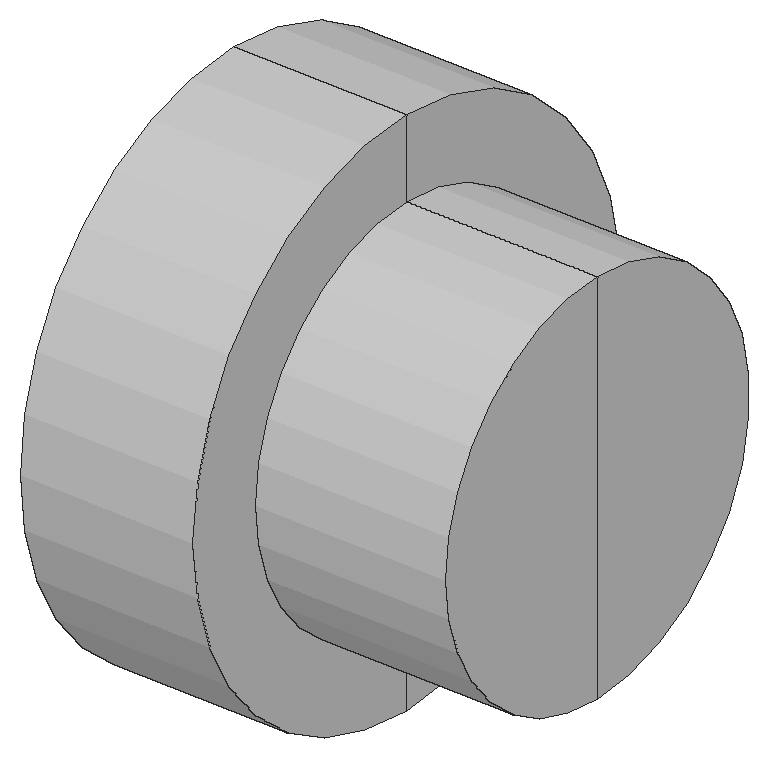
Revit family "6236_Lötanschluss flachdichtend", category Rohrformteile, Revit 2021
Family settings
  Bemaßung runder Anschluss = Durchmesser verwenden
  Teiletyp = Verbindung
  OmniClass-Nummer = 23.65.55.14
  OmniClass-Titel = Valves for Liquid Services
  Arbeitsebenenbasiert = Nein
  Immer vertikal = Ja
  Beim Laden mit Abzugskörper schneiden = Nein
  Gemeinsam genutzt = Nein
Parameters (values of type "G1 1/2 x 35mm")
  Vorgabe-Ansicht = 0 mm
  URL = "www.herz-armaturen.at"
  SCRNSEQ = "AWI;AWI_TYP=\"1001\";2"
  SCRNCODE = "07;01;02"  # constant formula
  S02 = 8 mm  # constant formula
  S01 [instance] = GT  # 15 mm
  Nennweite_Löt [instance] = if([1_2x12], 12 mm, if([3_4x12], 12 mm, if([3_4x15], 15 mm, if([1x15], 15 mm, if([3_4x18], 18 mm, if([1x18], 18 mm, if([1x22], 22 mm, if([5_4x28], 28 mm, if([2x35], 35 mm, if([3_2x35], 35 mm, if([9_4x42], 42 mm, if([7_4x42], 42 mm, if([11_4x54], 54 mm, if([19_8x54], 54 mm, 0 mm))))))))))))))  # 35 mm
  Nennweite_IG [instance] = D01 * 2  # 40 mm
  Mutter = "Messing CW614N, vernickelt"  # constant formula
  Medium = "Heizungswasser nach ÖNORM H5195 oder VDI- Richtlinie 2035.\r\nDie Verwendung von Ethylen- oder Propyleneglykol in einem Mischungsverhältnis 25- 50% ist zulässig."
  Max. Betriebstemperatur = 110 °C  # constant formula
  Max. Betriebsdruck = 1000000.0 Pa  # constant formula
  Lötanschluss = "Messing CW614N, gelb"  # constant formula
  GT [instance] = if([1_2x12], 8.5 mm, if([3_4x12], 10 mm, if([3_4x15], 10 mm, if([1x15], 12 mm, if([3_4x18], 10 mm, if([1x18], 12 mm, if([1x22], 12 mm, if([5_4x28], 12 mm, if([2x35], 15 mm, if([3_2x35], 15 mm, if([9_4x42], 15 mm, if([7_4x42], 16 mm, if([11_4x54], 18 mm, if([19_8x54], 13.5 mm, 0 mm))))))))))))))  # 15 mm
  L01 [instance] = if([1_2x12], 13.5 mm, if([3_4x12], 14 mm, if([3_4x15], 14 mm, if([1x15], 16.5 mm, if([3_4x18], 14 mm, if([1x18], 16.5 mm, if([1x22], 16.5 mm, if([5_4x28], 17.5 mm, if([2x35], 22 mm, if([3_2x35], 19 mm, if([9_4x42], 21 mm, if([7_4x42], 23 mm, if([11_4x54], 26 mm, if([19_8x54], 22.5 mm, 0 mm))))))))))))))  # 19 mm
  L00 [instance] = if([1_2x12], 23 mm, if([3_4x12], 23 mm, if([3_4x15], 26 mm, if([1x15], 29 mm, if([3_4x18], 28 mm, if([1x18], 30 mm, if([1x22], 34 mm, if([5_4x28], 35 mm, if([2x35], 40.5 mm, if([3_2x35], 40 mm, if([9_4x42], 44.5 mm, if([7_4x42], 46.5 mm, if([11_4x54], 53.5 mm, if([19_8x54], 51.5 mm, 0 mm))))))))))))))  # 40 mm
  Hersteller = "HERZ Armaturen Ges.m.b.H."  # constant formula
  Flachdichtung = "Klinger SIL- C440"  # constant formula
  Bestellnummer [instance] = if([1_2x12], 1623600, if([3_4x12], 1623601, if([3_4x15], 1623611, if([1x15], 1623602, if([3_4x18], 1623621, if([1x18], 1623612, if([1x22], 1623622, if([5_4x28], 1623663, if([2x35], 1623674, if([3_2x35], 1623664, if([9_4x42], 1623675, if([7_4x42], 1623665, if([11_4x54], 1623676, if([19_8x54], 1623666, 0))))))))))))))  # 1623664
  D02 [instance] = if([1_2x12], 8.3 mm, if([3_4x12], 8.3 mm, if([3_4x15], 9.8 mm, if([1x15], 9.8 mm, if([3_4x18], 11.3 mm, if([1x18], 11.3 mm, if([1x22], 13.3 mm, if([5_4x28], 16.5 mm, if([2x35], 20.8 mm, if([3_2x35], 20.8 mm, if([9_4x42], 23.5 mm, if([7_4x42], 23.5 mm, if([11_4x54], 30 mm, if([19_8x54], 30 mm, 0 mm))))))))))))))  # 20.8 mm
  D01 [instance] = if([1_2x12], 7.5 mm, if([3_4x12], 10 mm, if([3_4x15], 10 mm, if([1x15], 12.5 mm, if([3_4x18], 10 mm, if([1x18], 12.5 mm, if([1x22], 12.5 mm, if([5_4x28], 16 mm, if([2x35], 25 mm, if([3_2x35], 20 mm, if([9_4x42], 25 mm, if([7_4x42], 20 mm, if([11_4x54], 32.5 mm, if([19_8x54], 25 mm, 0 mm))))))))))))))  # 20 mm
  D00 [instance] = if([1_2x12], 14 mm, if([3_4x12], 16.5 mm, if([3_4x15], 16.5 mm, if([1x15], 19.5 mm, if([3_4x18], 16.5 mm, if([1x18], 19.5 mm, if([1x22], 19.5 mm, if([5_4x28], 25.5 mm, if([2x35], 34.6 mm, if([3_2x35], 29.3 mm, if([9_4x42], 37.3 mm, if([7_4x42], 32 mm, if([11_4x54], 50 mm, if([19_8x54], 40 mm, 0 mm))))))))))))))  # 29.3 mm
  Ausführung = "Lötanschluss flachdichtend, Mutter und Dichtung."
  9_4x42 = no
  7_4x42 = no
  5_4x28 = no
  3_4x18 = no
  3_4x15 = no
  3_4x12 = no
  3_2x35 = yes
  2x35 = no
  1x22 = no
  1x18 = no
  1x15 = no
  1_2x12 = no
  19_8x54 = no
  11_4x54 = no
Types (15, lengths in mm): name | S01 | Nennweite_Löt | Nennweite_IG | GT | L01 | L00 | Bestellnummer | D02 | D01 | D00 | 9_4x42 | 7_4x42 | 5_4x28 | 3_4x18 | 3_4x15 | 3_4x12 | 3_2x35 | 2x35 | 1x22 | 1x18 | 1x15 | 1_2x12 | 19_8x54 | 11_4x54
  (no name) | 15 | 35 | 40 | 15 | 19 | 40 | 1623664 | 20.8 | 20 | 29.3 | no | no | no | no | no | no | yes | no | no | no | no | no | no | no
  G1/2 x 12mm | 8.5 | 12 | 15 | 8.5 | 13.5 | 23 | 1623600 | 8.3 | 7.5 | 14 | no | no | no | no | no | no | no | no | no | no | no | yes | no | no
  G3/4 x 12mm | 10 | 12 | 20 | 10 | 14 | 23 | 1623601 | 8.3 | 10 | 16.5 | no | no | no | no | no | yes | no | no | no | no | no | no | no | no
  G3/4 x 15mm | 10 | 15 | 20 | 10 | 14 | 26 | 1623611 | 9.8 | 10 | 16.5 | no | no | no | no | yes | no | no | no | no | no | no | no | no | no
  G1 x 15mm | 12 | 15 | 25 | 12 | 16.5 | 29 | 1623602 | 9.8 | 12.5 | 19.5 | no | no | no | no | no | no | no | no | no | no | yes | no | no | no
  G3/4 x 18mm | 10 | 18 | 20 | 10 | 14 | 28 | 1623621 | 11.3 | 10 | 16.5 | no | no | no | yes | no | no | no | no | no | no | no | no | no | no
  G1 x 18mm | 12 | 18 | 25 | 12 | 16.5 | 30 | 1623612 | 11.3 | 12.5 | 19.5 | no | no | no | no | no | no | no | no | no | yes | no | no | no | no
  G1 x 22mm | 12 | 22 | 25 | 12 | 16.5 | 34 | 1623622 | 13.3 | 12.5 | 19.5 | no | no | no | no | no | no | no | no | yes | no | no | no | no | no
  G1 1/4 x 28mm | 12 | 28 | 32 | 12 | 17.5 | 35 | 1623663 | 16.5 | 16 | 25.5 | no | no | yes | no | no | no | no | no | no | no | no | no | no | no
  G2 x 35mm | 15 | 35 | 50 | 15 | 22 | 40.5 | 1623674 | 20.8 | 25 | 34.6 | no | no | no | no | no | no | no | yes | no | no | no | no | no | no
  G1 1/2 x 35mm | 15 | 35 | 40 | 15 | 19 | 40 | 1623664 | 20.8 | 20 | 29.3 | no | no | no | no | no | no | yes | no | no | no | no | no | no | no
  G2 1/4 x 42mm | 15 | 42 | 50 | 15 | 21 | 44.5 | 1623675 | 23.5 | 25 | 37.3 | yes | no | no | no | no | no | no | no | no | no | no | no | no | no
  G1 3/4 x 42mm | 16 | 42 | 40 | 16 | 23 | 46.5 | 1623665 | 23.5 | 20 | 32 | no | yes | no | no | no | no | no | no | no | no | no | no | no | no
  G2 3/4 x 54mm | 18 | 54 | 65 | 18 | 26 | 53.5 | 1623676 | 30 | 32.5 | 50 | no | no | no | no | no | no | no | no | no | no | no | no | no | yes
  G2 3/8 x 54mm | 13.5 | 54 | 50 | 13.5 | 22.5 | 51.5 | 1623666 | 30 | 25 | 40 | no | no | no | no | no | no | no | no | no | no | no | no | yes | no
Reference planes
  plane 1 "Mitte (Vorne/hinten)": y = 0
  plane 2: z = 0
  plane 3 "Mitte (Links/rechts)": x = 0
Forms (mm)
  Revolve 1, solid, material "Messing, vernickelt", detail levels fine
    sketch origin (0, 0, 0) x (1, 0, 0) y (0, 0, 1)
      loop
        line (0, 20) -> (15, 20) -> (15, 0) -> (40, 0) -> (40, 20.8) -> (19, 20.8) -> (19, 29.3) -> (0, 29.3) -> (0, 20)
      axis (0, 0) -> (40, 0)
    angle from 0 to 360
Lines and regions (mm)
  model lines, detail levels coarse+medium
    curve 1: line (0, 0, 0) -> (40, 0, 0)
    curve 2: line (15, 0, 29.3) -> (15, 0, -29.3)
    curve 3: line (15, 0, -29.3) -> (23, 0, -29.3)
    curve 4: line (23, 0, -29.3) -> (15, 0, 0)
    curve 5: line (15, 0, 29.3) -> (23, 0, 29.3)
    curve 6: line (23, 0, 29.3) -> (15, 0, 0)
    curve 7: line (15, 29.3, 0) -> (15, -29.3, 0)
    curve 8: line (15, -29.3, 0) -> (23, -29.3, 0)
    curve 9: line (23, -29.3, 0) -> (15, 0, 0)
    curve 10: line (15, 29.3, 0) -> (23, 29.3, 0)
    curve 11: line (23, 29.3, 0) -> (15, 0, 0)
Dimensions and locks
  "L01": Revolve 1 sketch curve to plane 3 "Mitte (Links/rechts)"
  "L00": Revolve 1 sketch curve to plane 3 "Mitte (Links/rechts)"
  "D00": Revolve 1 sketch curve to plane 2
  "D01": Revolve 1 sketch curve to plane 2
  "D02": Revolve 1 sketch curve to plane 2
  "GT": Revolve 1 sketch curve to plane 3 "Mitte (Links/rechts)"
  "L00": curve 1 to curve 1
  "S01": curve 2 to plane 3 "Mitte (Links/rechts)"
  "S02": curve 2 to curve 6
  "S02": curve 2 to curve 4
  "S01": curve 1 to curve 7
  "S02": curve 7 to curve 11
  "S02": curve 7 to curve 9
  "D00": curve 8 to plane 1 "Mitte (Vorne/hinten)" to curve 10
  "D00": curve 5 to plane 2 to curve 3
  aligned and locked: level to plane 2
Automatic sketch dimensions
  curve 1 to level = 0 mm
  curve 1 to plane 3 "Mitte (Links/rechts)" = 0 mm
  curve 4 to level = 0 mm
  curve 6 to curve 4 = 0 mm
  plane 1 "Mitte (Vorne/hinten)" to curve 9 = 0 mm
  plane 1 "Mitte (Vorne/hinten)" to curve 11 = 0 mm
  Revolve 1 sketch curve to level = 0 mm  (x2)
  Revolve 1 sketch curve to plane 3 "Mitte (Links/rechts)" = 0 mm
  Revolve 1 sketch curve to plane 3 "Mitte (Links/rechts)" = 1506.53 mm
  Revolve 1 sketch curve to Revolve 1 sketch curve = 1792.148 mm
Connectors
  piping at (15, 0, 0), diameter 40, driven by "Nennweite_IG"
    settings: on Revolve 1, index 1, connector inside diameter 609.6 mm, connector length 0 mm, flow factor 0, pipe flow 0.0 L/s, pressure drop 0.0 Pa, fitting loss kfactor 0, connector angle 0.00°, fixture units 0, engagement length 0 mm, angle of deflection 0.00°, flow configuration 0, flow direction 0, fitting loss method 0, system type 29, joint type 0, gender type 0, connector reference index -1, connector utility 0, adjustable connector no, is connector primary yes, connector description ""
  piping at (40, 0, 0), diameter 35, driven by "Nennweite_Löt"
    settings: on Revolve 1, index 2, connector inside diameter 609.6 mm, connector length 0 mm, flow factor 0, pipe flow 0.0 L/s, pressure drop 0.0 Pa, fitting loss kfactor 0, connector angle 0.00°, fixture units 0, engagement length 0 mm, angle of deflection 0.00°, flow configuration 0, flow direction 0, fitting loss method 0, system type 29, joint type 0, gender type 0, connector reference index -1, connector utility 0, adjustable connector no, is connector primary no, connector description ""
